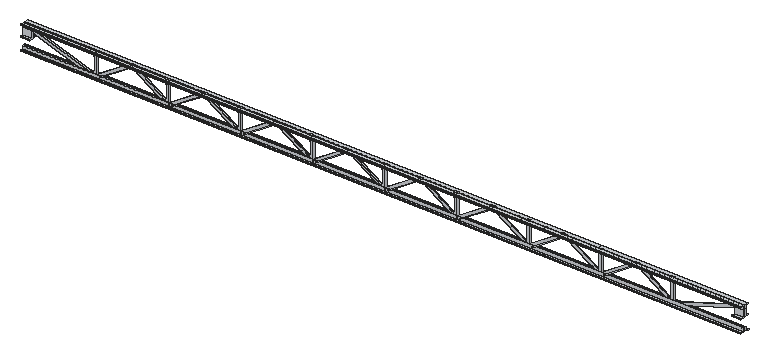
Revit family "1055674e254a43638632c1b5c5ee1cd1", category Structural Framing, Revit 2021
Family settings
  Structural Framing Length Roundoff = 0' - 0 1/16"
  Section Shape = Not Defined
  Material for Model Behavior = Steel
  Always export as geometry = Yes
  OmniClass Number = 23.25.30.21.14.11
  OmniClass Title = Metal Joists
  Seek Item ID = VG Joist Girder-0000-USA-ENU
  Always vertical = Yes
  Cut with Voids When Loaded = No
  Symbolic Representation = From Family
  Shared = No
  Show family pre-cut in plan views = Yes
Parameters (values of type "16VG")
  Web Thickness = 0' - 1"
  Vertical Member Visibility = yes
  Structural Material = none
  Start Offset [instance] = 0' - 0"
  Top Chord Start Extension [instance] = 0' - 0"
  SpaceNum [instance] = 10
  Seat Length = 0' - 6"
  Seat Depth [instance] = 0' - 7 1/2"
  PanelWidth [instance] = Length / SpaceNum  # 4' - 0"
  PanelArrayNum [instance] = SpaceNum - 3  # 7
  Panel Point Load [instance] = 4.00 kip
  Offset Length 2 [instance] = End Panel - End Offset + Bottom Chord End Extension  # 4' - 0"
  Offset Length 1 [instance] = End Panel - Start Offset + Bottom Chord Start Extension  # 4' - 0"
  Girder Type = "VG"
  End Panel [instance] = PanelWidth  # 4' - 0"
  End Offset [instance] = 0' - 0"
  Top Chord End Extension [instance] = 0' - 0"
  Depth = 1' - 4"
  Cord Leg = 0' - 2 1/2"
  Chord Thickness = 0' - 0 1/2"
  Bottom Chord Start Extension [instance] = 0' - 0"
  Bottom Chord End Extension [instance] = 0' - 0"
  Assembly Code = "B1010350"
  Length [instance] = 40' - 0"
Reference planes (in)
  plane 1 "Center (Front/Back)": y = 0
  plane 2: z = 0
  plane 3 "Center (Left/Right)": x = 18.04904
  plane 4 "Member Left": x = -231.8185
  plane 5 "Member Right": x = 200.04904
  plane 6: y = 3
  plane 7: y = -3
  plane 8: z = 8
  plane 9: z = -8
  plane 10 "Left": x = -221.95096
  plane 11 "Stick Symbol Left": x = -300.70999
  plane 12 "Stick Symbol Right": x = 326.41731
  plane 13 "Right": x = 258.04904
  plane 14: z = 0.5
  plane 15: x = -215.95096
  plane 16: x = -173.95096
  plane 17: x = 252.04904
  plane 18: x = 210.04904
  plane 19: y = 0.5
  plane 20: y = -0.5
  plane 21: z = 5.5
  plane 22: z = -5.5
  plane 23: z = -7.75
  plane 24: z = 7.75
  plane 25: x = -221.95096
  plane 26: x = 258.04904
  plane 27: x = -221.95096
  plane 28: x = 258.04904
  plane 29: x = 162.04904
  plane 30: x = -125.95096
  plane 31: x = -221.95096
  plane 32: x = 258.04904
  plane 33 "Symbol Left": x = -300.70999
  plane 34: x = -300.70999
  plane 35: x = 326.41731
  plane 36 "Symbol Right": x = 326.41731
Forms (in)
  Extrusion 1, solid, material <- "Structural Material", detail levels medium+fine
    sketch origin (18.04904, 0, 0) x (0, 1, 0) y (0, 0, 1)
      loop
        line (3, 8) -> (0.5, 8) -> (0.5, 5.5) -> (1, 5.5) -> (1, 7.5) -> (3, 7.5) -> (3, 8)
      loop
        line (-3, 8) -> (-3, 7.5) -> (-1, 7.5) -> (-1, 5.5) -> (-0.5, 5.5) -> (-0.5, 8) -> (-3, 8)
    from -240 to 240
  Extrusion 2, solid, material <- "Structural Material", detail levels medium+fine
    sketch origin (18.04904, 0, 0) x (0, 1, 0) y (0, 0, 1)
      loop
        line (0.5, -5.5) -> (0.5, -8) -> (3, -8) -> (3, -7.5) -> (1, -7.5) -> (1, -5.5) -> (0.5, -5.5)
      loop
        line (-0.5, -5.5) -> (-1, -5.5) -> (-1, -7.5) -> (-3, -7.5) -> (-3, -8) -> (-0.5, -8) -> (-0.5, -5.5)
    from -240 to 240
  Extrusion 3, solid, material <- "Structural Material", detail levels medium+fine
    sketch origin (18.04904, 0, 0) x (0, 1, 0) y (0, 0, 1)
      loop
        line (3, 0.5) -> (3, 1) -> (1, 1) -> (1, 5.5) -> (0.5, 5.5) -> (0.5, 0.5) -> (3, 0.5)
      loop
        line (-3, 0.5) -> (-0.5, 0.5) -> (-0.5, 5.5) -> (-1, 5.5) -> (-1, 1) -> (-3, 1) -> (-3, 0.5)
    from 234 to 240
  Extrusion 4, solid, material <- "Structural Material", detail levels medium+fine
    sketch origin (18.04904, 0, 0) x (0, 1, 0) y (0, 0, 1)
      loop
        line (-3, 0.5) -> (-0.5, 0.5) -> (-0.5, 5.5) -> (-1, 5.5) -> (-1, 1) -> (-3, 1) -> (-3, 0.5)
      loop
        line (0.5, 0.5) -> (3, 0.5) -> (3, 1) -> (1, 1) -> (1, 5.5) -> (0.5, 5.5) -> (0.5, 0.5)
    from -240 to -234
  Sweep 5, solid, material <- "Structural Material", detail levels fine
    path in 3D
      loop
        line (210.04904, 0, -7.75) -> (252.04904, 0, 5.5)
    profile "Web-Profile : Web-Profile" origin (231.04904, 0, -1.125) x (-0.30086, 0, 0.953668) y (0, -1, 0)
      loop
        line (-1, 0.75) -> (-1, 0.25) -> (1, 0.25) -> (1, 0.75) -> (-1, 0.75)
  Sweep 6, solid, material <- "Structural Material", detail levels fine
    path in 3D
      loop
        line (-215.95096, 0, 5.5) -> (-173.95096, 0, -7.75)
    profile "Web-Profile : Web-Profile" origin (-194.95096, 0, -1.125) x (0.30086, 0, 0.953668) y (0, -1, 0)
      loop
        line (-1, 0.25) -> (-1, -0.25) -> (1, -0.25) -> (1, 0.25) -> (-1, 0.25)
Lines and regions (in)
  symbolic lines, style "StructuralFraming", detail levels coarse
    curve 1: line (0, 3, 8) -> (0, 0.5, 8)
    curve 2: line (0, -3, -8) -> (0, -0.5, -8)
    curve 12: line (0, 0.5, -8) -> (0, 3, -8)
    curve 13: line (18.04904, 0.5, -8) -> (18.04904, 0.5, -5.5)
    curve 14: line (18.04904, -0.5, -8) -> (18.04904, -0.5, -5.5)
    curve 15: line (18.04904, -0.5, 8) -> (18.04904, -0.5, 5.5)
    curve 16: line (18.04904, 0.5, 8) -> (18.04904, 0.5, 5.5)
    curve 17: line (0, -0.5, 8) -> (0, -3, 8)
  symbolic lines, style "StructuralFraming", detail levels coarse+medium
    curve 3: line (0, 0, -8) -> (0, 0, 8)
  reference lines
    curve 4: line (-294.70999, 0, -12.86251) -> (-294.70999, 0, 11.13749)
    curve 5: line (-246.70999, 0, -13.11251) -> (-246.70999, 0, 11.13749)
    curve 6: line (320.41731, 0, -10.77905) -> (320.41731, 0, 11.22095)
    curve 7: line (272.41731, 0, -15.77905) -> (272.41731, 0, 11.22095)
  model lines, style "Joist Girder", detail levels coarse
    curve 8: line (272.41731, 0, -8) -> (-246.70999, 0, -8)
    curve 9: line (326.41731, 0, 8) -> (-300.70999, 0, 8)
  model lines, style "StructuralFraming", detail levels medium
    curve 10: line (-215.95096, 0, 5.5) -> (-173.95096, 0, -7.75)
    curve 11: line (210.04904, 0, -7.75) -> (252.04904, 0, 5.5)
  model lines, style "Web Joist", detail levels coarse
    curve 18: line (-246.70999, 0, -8) -> (-294.70999, 0, 8)
    curve 19: line (272.41731, 0, -8) -> (320.41731, 0, 8)
  sketch lines
    curve 20: line (210.04904, 0, -7.75) -> (252.04904, 0, 5.5)
    curve 21: line (-215.95096, 0, 5.5) -> (-173.95096, 0, -7.75)
  symbolic lines, detail levels fine
    curve 22: line (18.04904, 0.5, 7.75) -> (18.04904, -0.5, 7.75)
    curve 23: line (18.04904, 0.5, -7.75) -> (18.04904, -0.5, -7.75)
    curve 24: line (18.04904, 0.5, -5.5) -> (18.04904, 0.5, 5.5)
    curve 25: line (18.04904, -0.5, -5.5) -> (18.04904, -0.5, 5.5)
Dimensions and locks (in)
  equal spacing: plane 9, plane 2, plane 8
  "Length": plane 10 "Left" to plane 13 "Right"
  equal spacing: plane 10 "Left", plane 3 "Center (Left/Right)", plane 13 "Right"
  "End Panel": curve 5 to curve 4
  "End Panel": curve 6 to curve 7
  "Depth": plane 9 to plane 8
  "Seat Depth": plane 8 to plane 14
  "End Panel": plane 10 "Left" to plane 16
  "End Panel": plane 13 "Right" to plane 18
  "Web Thickness": plane 19 to plane 20
  equal spacing: plane 19, plane 1 "Center (Front/Back)", plane 20
  "Cord Leg": plane 20 to plane 7
  "Cord Leg": plane 6 to plane 19
  "Cord Leg": plane 9 to plane 22
  "Cord Leg": plane 21 to plane 8
  "Chord Thickness": plane 8 to Extrusion 1 sketch curve
  "Chord Thickness": Extrusion 1 sketch curve to plane 8
  "Chord Thickness": plane 20 to Extrusion 1 sketch curve
  "Chord Thickness": Extrusion 1 sketch curve to plane 19
  "Chord Thickness": plane 9 to Extrusion 2 sketch curve  (x2)
  "Chord Thickness": Extrusion 2 sketch curve to plane 19
  "Chord Thickness": plane 20 to Extrusion 2 sketch curve
  "Chord Thickness": plane 14 to Extrusion 3 sketch curve  (x2)
  "Chord Thickness": plane 20 to Extrusion 3 sketch curve
  "Chord Thickness": Extrusion 3 sketch curve to plane 19
  "Chord Thickness": plane 14 to Extrusion 4 sketch curve  (x2)
  "Chord Thickness": Extrusion 4 sketch curve to plane 19
  "Chord Thickness": plane 20 to Extrusion 4 sketch curve
  locked: plane 23 to plane 9 at 0.25
  locked: plane 8 to plane 24 at 0.25
  "Start Offset": plane 10 "Left" to plane 27
  "Seat Length": plane 27 to plane 15
  "Top Chord Start Extension": plane 25 to plane 27
  "End Offset": plane 28 to plane 13 "Right"
  "Seat Length": plane 17 to plane 28
  "Top Chord End Extension": plane 28 to plane 26
  "PanelWidth": plane 18 to plane 29
  "PanelWidth": plane 16 to plane 30
  equal spacing: group 1, group 2, group 3, group 4, group 5, group 6, group 7  (x3)
  "Offset Length 1": plane 16 to plane 31
  "Offset Length 2": plane 32 to plane 18
  "Seat Length": curve 4 to plane 34
  "Start Offset": plane 34 to plane 11 "Stick Symbol Left"
  "Top Chord Start Extension": plane 34 to plane 33 "Symbol Left"
  "Seat Length": plane 35 to curve 6
  "Start Offset": plane 12 "Stick Symbol Right" to plane 35
  "Top Chord End Extension": plane 36 "Symbol Right" to plane 35
  aligned and locked: curve 8 to plane 9
  aligned and locked: curve 9 to plane 8
  aligned and locked: curve 5 to curve 8
  aligned and locked: curve 7 to curve 8
  aligned and locked: plane 8 to Extrusion 1 sketch curve
  aligned and locked: Extrusion 1 sketch curve to plane 8
  aligned and locked: plane 6 to Extrusion 1 sketch curve
  aligned and locked: plane 7 to Extrusion 1 sketch curve
  aligned and locked: Extrusion 1 sketch curve to plane 21
  aligned and locked: plane 21 to Extrusion 1 sketch curve
  aligned and locked: plane 9 to Extrusion 2 sketch curve
  aligned and locked: Extrusion 2 sketch curve to plane 9
  aligned and locked: plane 6 to Extrusion 2 sketch curve
  aligned and locked: plane 7 to Extrusion 2 sketch curve
  aligned and locked: Extrusion 2 sketch curve to plane 19
  aligned and locked: Extrusion 2 sketch curve to plane 20
  aligned and locked: Extrusion 2 sketch curve to plane 22
  aligned and locked: plane 22 to Extrusion 2 sketch curve
  aligned and locked: Extrusion 3 sketch curve to plane 7
  aligned and locked: plane 14 to Extrusion 3 sketch curve
  aligned and locked: Extrusion 3 sketch curve to plane 14
  aligned and locked: Extrusion 3 sketch curve to plane 6
  aligned and locked: Extrusion 3 sketch curve to plane 20
  aligned and locked: Extrusion 3 sketch curve to plane 19
  aligned and locked: Extrusion 3 sketch curve to plane 21
  aligned and locked: plane 21 to Extrusion 3 sketch curve
  aligned and locked: Extrusion 3 to plane 17
  aligned and locked: plane 6 to Extrusion 4 sketch curve
  aligned and locked: Extrusion 4 sketch curve to plane 7
  aligned and locked: Extrusion 4 sketch curve to plane 19
  aligned and locked: plane 20 to Extrusion 4 sketch curve
  aligned and locked: plane 21 to Extrusion 4 sketch curve  (x2)
  aligned and locked: Extrusion 4 sketch curve to plane 14  (x2)
  aligned and locked: plane 15 to Extrusion 4
  aligned and locked: Extrusion 2 to curve 13
  aligned and locked: curve 13 to Extrusion 2
  aligned and locked: curve 2 to curve 14
  aligned and locked: curve 14 to Extrusion 2
  aligned and locked: Extrusion 1 to curve 15
  aligned and locked: curve 15 to Extrusion 1
  aligned and locked: curve 16 to Extrusion 1  (x2)
  aligned and locked: curve 1 to Extrusion 1
  aligned and locked: curve 11 to Extrusion 3
  aligned and locked: curve 4 to curve 18
  aligned and locked: curve 6 to curve 19
  aligned and locked: plane 25 to Extrusion 1
  aligned and locked: Extrusion 3 to plane 26
  aligned and locked: Extrusion 1 to plane 26
  aligned and locked: plane 25 to Extrusion 4
  aligned and locked: plane 15 to curve 10
  aligned and locked: Extrusion 1 to curve 10
  aligned and locked: plane 17 to curve 11
  aligned and locked: plane 1 "Center (Front/Back)" to nested 1
  aligned and locked: nested 1 to plane 16
  aligned and locked: plane 9 to nested 1
  aligned and locked: plane 23 to curve 10
  aligned and locked: plane 16 to curve 10
  aligned and locked: plane 18 to curve 11
  aligned and locked: plane 23 to curve 11
  aligned and locked: nested 1 to plane 30
  aligned and locked: plane 30 to nested 2  (x2)
  aligned and locked: nested 2 to plane 8
  aligned and locked: plane 1 "Center (Front/Back)" to nested 8
  aligned and locked: plane 29 to nested 8
  aligned and locked: nested 8 to plane 8
  aligned and locked: Extrusion 2 to plane 31
  aligned and locked: plane 32 to Extrusion 2
  aligned and locked: plane 33 "Symbol Left" to curve 9
  aligned and locked: plane 36 "Symbol Right" to curve 9
Automatic sketch dimensions
  Extrusion 1 sketch curve to plane 20 = 0' - 0"
  Extrusion 1 sketch curve to plane 19 = 0' - 0"
  curve 12 to plane 6 = 0' - 0"
  curve 1 to plane 6 = 0' - 0"
  curve 12 to plane 9 = 0' - 0"
  curve 12 to plane 19 = 0' - 0"
  curve 1 to plane 19 = 0' - 0"
  curve 17 to plane 8 = 0' - 0"
  curve 17 to plane 20 = 0' - 0"
  curve 17 to plane 7 = 0' - 0"
  curve 2 to plane 7 = 0' - 0"
  curve 2 to plane 9 = 0' - 0"
  curve 2 to plane 20 = 0' - 0"
  curve 3 to plane 1 "Center (Front/Back)" = 0' - 0"
  curve 3 to plane 9 = 0' - 0"
  curve 23 to plane 23 = 0' - 0"
  curve 25 to plane 22 = 0' - 0"
  curve 24 to plane 22 = 0' - 0"
  curve 16 to plane 21 = 0' - 0"
  curve 15 to plane 21 = 0' - 0"
  curve 22 to plane 24 = 0' - 0"
  curve 3 to plane 8 = 0' - 0"
  plane 9 to curve 5 = 0' - 5.11251"
  plane 9 to curve 7 = 0' - 7.77905"
  plane 9 to curve 4 = 0' - 4.86251"
  plane 9 to curve 6 = 0' - 2.77905"
  curve 5 to plane 8 = 0' - 3.13749"
  curve 4 to plane 8 = 0' - 3.13749"
  curve 7 to plane 8 = 0' - 3.22095"
  curve 6 to plane 8 = 0' - 3.22095"
Nested families (in)
  nested 1: "VG Angled Web" at (-173.95096, 0, 0), type "VG Angled Web"
  nested 2: "VG Angled Web" at (-125.95096, 0, 0), type "VG Angled Web"
  nested 3: "VG Angled Web" at (-77.95096, 0, 0), type "VG Angled Web"
  nested 4: "VG Angled Web" at (-29.95096, 0, 0), type "VG Angled Web"
  nested 5: "VG Angled Web" at (18.04904, 0, 0), type "VG Angled Web"
  nested 6: "VG Angled Web" at (66.04904, 0, 0), type "VG Angled Web"
  nested 7: "VG Angled Web" at (114.04904, 0, 0), type "VG Angled Web"
  nested 8: "VG Angled Web-Right" at (162.04904, 0, 0), type "VG Angled Web-Right"
Definition of nested family "VG Angled Web"
  Parameters
    WebMaterial = none
    Web Thickness = Thickness / 2  # 0' - 0 1/2"
    Web Offset = Web Leg / 2  # 0' - 1"
    Web Leg = 0' - 2"
    Vertical Member Visibility = yes
    Thickness = 0' - 1"
    PanelHeight = 1' - 4"
    PanelWidth = 4' - 0"
    Assembly Code = ""
  Reference planes (in)
    plane 1 "Center (Front/Back)": y = 0
    plane 2: z = 0
    plane 3 "Center (Left/Right)": x = 0
    plane 4: x = 48
    plane 5: x = 24
    plane 6: z = -8
    plane 7: z = -7
    plane 8: z = 7
    plane 9: z = 8
    plane 10: y = -0.5
    plane 11: y = 0.5
    plane 12: z = 5.5
    plane 13: z = -5.5
  Forms (in)
    Sweep 1, solid, material <- "WebMaterial", detail levels fine
      path in 3D
        loop
          line (0, 0, -7) -> (1, 0, -7) -> (23, 0, 7) -> (25, 0, 7)
      profile origin (0.5, 0, -7) x (0, 0, 1) y (0, -1, 0)
        loop
          line (1, 0) -> (1, 0.5) -> (-1, 0.5) -> (-1, 0) -> (1, 0)
    Sweep 2, solid, material <- "WebMaterial", detail levels fine
      path in 3D
        loop
          line (48, 0, -7) -> (47, 0, -7) -> (25, 0, 7) -> (23, 0, 7)
      profile origin (47.5, 0, -7) x (0, 0, -1) y (0, -1, 0)
        loop
          line (-1, -0.5) -> (1, -0.5) -> (1, 0) -> (-1, 0) -> (-1, -0.5)
    Sweep 3, solid, material <- "WebMaterial", detail levels fine
      path in 3D
        loop
          line (4.27399, -0.5, -6.10186) -> (22.69464, -0.5, 5.62037)
      profile origin (13.48432, -0.5, -0.24074) x (-0.536875, 0, 0.843661) y (0, -1, 0)
        loop
          line (0, 0) -> (0.5, 0) -> (0.5, 1.5) -> (0, 1.5) -> (0, 0)
    Sweep 4, solid, material <- "WebMaterial", detail levels fine
      path in 3D
        loop
          line (43.72601, 0.5, -6.10186) -> (25.30536, 0.5, 5.62037)
      profile origin (34.51568, 0.5, -0.24074) x (0.536875, 0, 0.843661) y (0, 1, 0)
        loop
          line (0, 0) -> (0.5, 0) -> (0.5, 1.5) -> (0, 1.5) -> (0, 0)
    Sweep 5, solid, material <- "WebMaterial", visible <- "Vertical Member Visibility", detail levels fine
      path origin (0, 0, 0) x (1, 0, 0) y (0, 1, 0)
        loop
          line (0, 0.5) -> (0, -0.5)
      profile origin (0, 0, 0) x (1, 0, 0) y (0, 0, 1)
        loop
          line (-1, 8) -> (-1, 4.75) -> (-0.5625, 4.3125) -> (-0.5625, -4.3125) -> (-1, -4.75) -> (-1, -8) -> (1, -8) -> (1, 8) -> (-1, 8)
  Cuts and joins
    joined: Sweep 2, Sweep 4
  Lines and regions (in)
    model lines, detail levels medium+fine
      curve 1: line (0, 0, -8) -> (0, 0, 8)
      curve 2: line (0, 0, 8) -> (48, 0, 8)
      curve 3: line (48, 0, 8) -> (48, 0, -8)
      curve 4: line (48, 0, -8) -> (0, 0, -8)
    model lines, detail levels medium
      curve 5: line (23, 0, 7) -> (25, 0, 7)
      curve 6: line (0, 0, -7) -> (1, 0, -7)
      curve 7: line (48, 0, -7) -> (47, 0, -7)
      curve 8: line (1, 0, -7) -> (23, 0, 7)
      curve 9: line (25, 0, 7) -> (47, 0, -7)
    sketch lines
      curve 10: line (0, 0, -7) -> (1, 0, -7)
      curve 11: line (1, 0, -7) -> (23, 0, 7)
      curve 12: line (23, 0, 7) -> (25, 0, 7)
      curve 13: line (48, 0, -7) -> (47, 0, -7)
      curve 14: line (25, 0, 7) -> (47, 0, -7)
      curve 15: line (23, 0, 7) -> (25, 0, 7)
      curve 16: line (4.27399, -0.5, -6.10186) -> (22.69464, -0.5, 5.62037)
      curve 17: line (43.72601, 0.5, -6.10186) -> (25.30536, 0.5, 5.62037)
    model lines, visible <- "Vertical Member Visibility", detail levels medium
      curve 18: line (0, 0, 8) -> (0, 0, -8)
  Dimensions and locks (in)
    "PanelWidth": plane 4 to plane 3 "Center (Left/Right)"
    equal spacing: plane 4, plane 5, plane 3 "Center (Left/Right)"
    plane 7 to plane 6 = 0' - 1"
    "Thickness": plane 9 to plane 8
    "PanelHeight": plane 9 to plane 6
    equal spacing: plane 9, plane 2, plane 6
    "Thickness": plane 11 to plane 10
    equal spacing: plane 11, plane 1 "Center (Front/Back)", plane 10
    locked: plane 9 to plane 12 at 2.5
    plane 13 to plane 6 = 0' - 2 1/2"
    "Web Offset": plane 7 to plane 6
    "Web Offset": curve 6 to plane 3 "Center (Left/Right)"
    "Web Offset": curve 7 to plane 4
    "Web Offset": plane 5 to curve 5
    "Web Offset": curve 5 to plane 5
    "Web Leg": Sweep 1 sketch curve to Sweep 1 sketch curve
    equal spacing: Sweep 1 sketch curve, plane 7, Sweep 1 sketch curve
    equal spacing: Sweep 2 sketch curve, profile plane, Sweep 2 sketch curve
    "Web Leg": Sweep 2 sketch curve to Sweep 2 sketch curve
    "Web Leg": plane 1 "Center (Front/Back)" to Sweep 3 sketch curve
    "Web Thickness": Sweep 3 sketch curve to Sweep 3 sketch curve
    "Web Leg": plane 1 "Center (Front/Back)" to Sweep 4 sketch curve
    "Web Thickness": Sweep 4 sketch curve to Sweep 4 sketch curve
    equal spacing: Sweep 5 sketch curve, plane 3 "Center (Left/Right)", Sweep 5 sketch curve
    "Web Leg": Sweep 5 sketch curve to Sweep 5 sketch curve
    locked: Sweep 5 sketch curve to Sweep 5 sketch curve at 3.25  (x2)
    locked: Sweep 5 sketch curve to Sweep 5 sketch curve at 0.4375
    equal spacing: Sweep 5 sketch curve, plane 2, Sweep 5 sketch curve
    locked: Sweep 5 sketch curve to Sweep 5 sketch curve (angle 45.00°)  (x2)
    aligned and locked: plane 8 to curve 5
    aligned and locked: curve 7 to plane 7
    aligned and locked: plane 7 to curve 6
    aligned and locked: Sweep 1 sketch curve to plane 10
    aligned and locked: Sweep 1 sketch curve to plane 1 "Center (Front/Back)"
    aligned and locked: Sweep 2 sketch curve to plane 11
    aligned and locked: profile plane to Sweep 2 sketch curve
    aligned and locked: Sweep 1 to curve 16
    aligned and locked: Sweep 3 sketch curve to profile plane
    aligned and locked: plane 10 to Sweep 3 sketch curve
    aligned and locked: Sweep 4 sketch curve to plane 11
    aligned and locked: profile plane to Sweep 4 sketch curve
    aligned and locked: plane 11 to Sweep 5 sketch curve
    aligned and locked: plane 10 to Sweep 5 sketch curve
    aligned and locked: Sweep 5 sketch curve to plane 3 "Center (Left/Right)"
    aligned and locked: Sweep 5 sketch curve to plane 6
    aligned and locked: Sweep 5 sketch curve to plane 9
    aligned and locked: curve 18 to plane 3 "Center (Left/Right)"
    aligned and locked: plane 9 to curve 18
    aligned and locked: plane 6 to curve 18
  Automatic sketch dimensions
    curve 3 to plane 4 = 0' - 0"
Definition of nested family "VG Angled Web-Right"
  Parameters
    WebMaterial = none
    Web Thickness = Thickness / 2  # 0' - 0 1/2"
    Web Offset = Web Leg / 2  # 0' - 1"
    Web Leg = 0' - 2"
    Vertical Member Visibility = yes
    Thickness = 0' - 1"
    PanelHeight = 1' - 4"
    PanelWidth = 4' - 0"
    Assembly Code = ""
  Reference planes (in)
    plane 1 "Center (Front/Back)": y = 0
    plane 2: z = 0
    plane 3 "Center (Left/Right)": x = 0
    plane 4: x = 48
    plane 5: x = 24
    plane 6: z = -8
    plane 7: z = -7
    plane 8: z = 7
    plane 9: z = 8
    plane 10: y = -0.5
    plane 11: y = 0.5
    plane 12: z = 5.5
    plane 13: z = -5.5
  Forms (in)
    Sweep 1, solid, material <- "WebMaterial", detail levels fine
      path in 3D
        loop
          line (0, 0, -7) -> (1, 0, -7) -> (23, 0, 7) -> (25, 0, 7)
      profile origin (0.5, 0, -7) x (0, 0, 1) y (0, -1, 0)
        loop
          line (1, 0) -> (1, 0.5) -> (-1, 0.5) -> (-1, 0) -> (1, 0)
    Sweep 2, solid, material <- "WebMaterial", detail levels fine
      path in 3D
        loop
          line (48, 0, -7) -> (47, 0, -7) -> (25, 0, 7) -> (23, 0, 7)
      profile origin (47.5, 0, -7) x (0, 0, -1) y (0, -1, 0)
        loop
          line (-1, -0.5) -> (1, -0.5) -> (1, 0) -> (-1, 0) -> (-1, -0.5)
    Sweep 3, solid, material <- "WebMaterial", detail levels fine
      path in 3D
        loop
          line (4.27399, -0.5, -6.10186) -> (22.69464, -0.5, 5.62037)
      profile origin (13.48432, -0.5, -0.24074) x (-0.536875, 0, 0.843661) y (0, -1, 0)
        loop
          line (0, 0) -> (0.5, 0) -> (0.5, 1.5) -> (0, 1.5) -> (0, 0)
    Sweep 4, solid, material <- "WebMaterial", detail levels fine
      path in 3D
        loop
          line (43.72601, 0.5, -6.10186) -> (25.30536, 0.5, 5.62037)
      profile origin (34.51568, 0.5, -0.24074) x (0.536875, 0, 0.843661) y (0, 1, 0)
        loop
          line (0, 0) -> (0.5, 0) -> (0.5, 1.5) -> (0, 1.5) -> (0, 0)
    Sweep 5, solid, material <- "WebMaterial", visible <- "Vertical Member Visibility", detail levels fine
      path origin (0, 0, 0) x (1, 0, 0) y (0, 1, 0)
        loop
          line (0, 0.5) -> (0, -0.5)
      profile origin (0, 0, 0) x (1, 0, 0) y (0, 0, 1)
        loop
          line (-1, 8) -> (-1, 4.75) -> (-0.5625, 4.3125) -> (-0.5625, -4.3125) -> (-1, -4.75) -> (-1, -8) -> (1, -8) -> (1, 8) -> (-1, 8)
    Sweep 6, solid, material <- "WebMaterial", visible <- "Vertical Member Visibility", detail levels fine
      path origin (0, 0, 0) x (1, 0, 0) y (0, 1, 0)
        loop
          line (48, 0.5) -> (48, -0.5)
      profile origin (48, 0, 0) x (1, 0, 0) y (0, 0, 1)
        loop
          line (-1, 8) -> (-1, 4.75) -> (-0.5625, 4.3125) -> (-0.5625, -4.3125) -> (-1, -4.75) -> (-1, -8) -> (1, -8) -> (1, 8) -> (-1, 8)
  Cuts and joins
    joined: Sweep 1, Sweep 3
  Lines and regions (in)
    model lines, detail levels medium+fine
      curve 1: line (0, 0, -8) -> (0, 0, 8)
      curve 2: line (0, 0, 8) -> (48, 0, 8)
      curve 3: line (48, 0, 8) -> (48, 0, -8)
      curve 4: line (48, 0, -8) -> (0, 0, -8)
    model lines, detail levels medium
      curve 5: line (23, 0, 7) -> (25, 0, 7)
      curve 6: line (0, 0, -7) -> (1, 0, -7)
      curve 7: line (48, 0, -7) -> (47, 0, -7)
      curve 8: line (1, 0, -7) -> (23, 0, 7)
      curve 9: line (25, 0, 7) -> (47, 0, -7)
    sketch lines
      curve 10: line (0, 0, -7) -> (1, 0, -7)
      curve 11: line (1, 0, -7) -> (23, 0, 7)
      curve 12: line (23, 0, 7) -> (25, 0, 7)
      curve 13: line (48, 0, -7) -> (47, 0, -7)
      curve 14: line (25, 0, 7) -> (47, 0, -7)
      curve 15: line (23, 0, 7) -> (25, 0, 7)
      curve 16: line (4.27399, -0.5, -6.10186) -> (22.69464, -0.5, 5.62037)
      curve 17: line (43.72601, 0.5, -6.10186) -> (25.30536, 0.5, 5.62037)
    model lines, visible <- "Vertical Member Visibility", detail levels medium
      curve 18: line (0, 0, 8) -> (0, 0, -8)
      curve 19: line (48, 0, 8) -> (48, 0, -8)
  Dimensions and locks (in)
    "PanelWidth": plane 4 to plane 3 "Center (Left/Right)"
    equal spacing: plane 4, plane 5, plane 3 "Center (Left/Right)"
    plane 7 to plane 6 = 0' - 1"
    "Thickness": plane 9 to plane 8
    "PanelHeight": plane 9 to plane 6
    equal spacing: plane 9, plane 2, plane 6
    "Thickness": plane 11 to plane 10
    equal spacing: plane 11, plane 1 "Center (Front/Back)", plane 10
    locked: plane 9 to plane 12 at 2.5
    plane 13 to plane 6 = 0' - 2 1/2"
    "Web Offset": plane 7 to plane 6
    "Web Offset": curve 6 to plane 3 "Center (Left/Right)"
    "Web Offset": curve 7 to plane 4
    "Web Offset": plane 5 to curve 5
    "Web Offset": curve 5 to plane 5
    "Web Leg": Sweep 1 sketch curve to Sweep 1 sketch curve
    equal spacing: Sweep 1 sketch curve, plane 7, Sweep 1 sketch curve
    equal spacing: Sweep 2 sketch curve, profile plane, Sweep 2 sketch curve
    "Web Leg": Sweep 2 sketch curve to Sweep 2 sketch curve
    "Web Leg": plane 1 "Center (Front/Back)" to Sweep 3 sketch curve
    "Web Thickness": Sweep 3 sketch curve to Sweep 3 sketch curve
    "Web Leg": plane 1 "Center (Front/Back)" to Sweep 4 sketch curve
    "Web Thickness": Sweep 4 sketch curve to Sweep 4 sketch curve
    equal spacing: Sweep 5 sketch curve, plane 3 "Center (Left/Right)", Sweep 5 sketch curve
    "Web Leg": Sweep 5 sketch curve to Sweep 5 sketch curve
    locked: Sweep 5 sketch curve to Sweep 5 sketch curve at 3.25  (x2)
    locked: Sweep 5 sketch curve to Sweep 5 sketch curve at 0.4375
    equal spacing: Sweep 5 sketch curve, plane 2, Sweep 5 sketch curve
    equal spacing: Sweep 6 sketch curve, plane 4, Sweep 6 sketch curve
    "Web Leg": Sweep 6 sketch curve to Sweep 6 sketch curve  (x2)
    locked: Sweep 6 sketch curve to Sweep 6 sketch curve at 3.25  (x2)
    locked: Sweep 6 sketch curve to Sweep 6 sketch curve at 0.4375
    equal spacing: Sweep 6 sketch curve, plane 2, Sweep 6 sketch curve
    locked: Sweep 5 sketch curve to Sweep 5 sketch curve (angle 45.00°)  (x2)
    locked: Sweep 6 sketch curve to Sweep 6 sketch curve (angle 45.00°)  (x2)
    aligned and locked: plane 8 to curve 5
    aligned and locked: curve 7 to plane 7
    aligned and locked: plane 7 to curve 6
    aligned and locked: Sweep 1 sketch curve to plane 10
    aligned and locked: Sweep 1 sketch curve to plane 1 "Center (Front/Back)"
    aligned and locked: Sweep 2 sketch curve to plane 11
    aligned and locked: profile plane to Sweep 2 sketch curve
    aligned and locked: Sweep 1 to curve 16
    aligned and locked: Sweep 3 sketch curve to profile plane
    aligned and locked: plane 10 to Sweep 3 sketch curve
    aligned and locked: Sweep 4 sketch curve to plane 11
    aligned and locked: profile plane to Sweep 4 sketch curve
    aligned and locked: plane 11 to Sweep 5 sketch curve
    aligned and locked: plane 10 to Sweep 5 sketch curve
    aligned and locked: Sweep 5 sketch curve to plane 3 "Center (Left/Right)"
    aligned and locked: Sweep 5 sketch curve to plane 6
    aligned and locked: Sweep 5 sketch curve to plane 9
    aligned and locked: curve 18 to plane 3 "Center (Left/Right)"
    aligned and locked: plane 9 to curve 18
    aligned and locked: plane 6 to curve 18
    aligned and locked: plane 4 to Sweep 6 sketch curve
    aligned and locked: plane 11 to Sweep 6 sketch curve
    aligned and locked: plane 10 to Sweep 6 sketch curve
    aligned and locked: plane 9 to Sweep 6 sketch curve
    aligned and locked: Sweep 6 sketch curve to plane 6
    aligned and locked: plane 4 to curve 19
    aligned and locked: curve 19 to plane 9
    aligned and locked: plane 6 to curve 19
